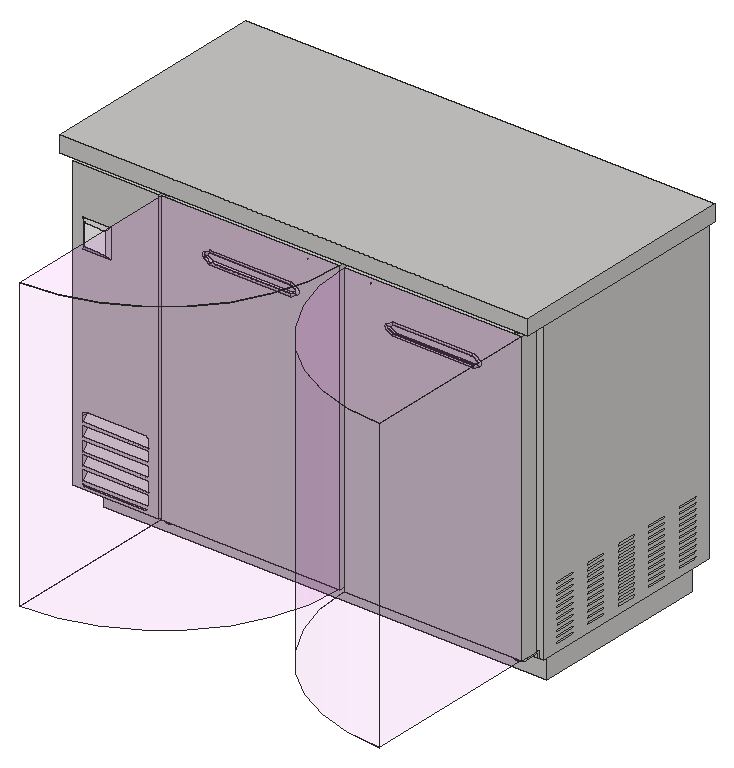
Revit family "QF_Kelvinator_738305_KCHBB48SS", category Specialty Equipment, Revit 2021 (continued)
Definition of nested family "KCHBB48S"
  Definition of nested family "Family1"
    Lines and regions (in)
      Split face 2
        outline origin (0, -1.75, 30.4) x (-1, 0, 0) y (0, 0, -1)
          loop
            circle (-15.55437, 0.5) r 0.2773
      symbolic lines, visible <- "Show Clearance"
        curve 1: arc (16.10807, -11.05, 0) -> (17.8876, -6.84841, 0) -> (18.59064, -2.34, 0) r 18.6
        curve 2: line (1.02191, -2.34, 0) -> (16.10807, -11.05, 0)
    Dimensions and locks (in)
      equal spacing: plane 3 "LEFT", plane 7 "Center Y", plane 4 "RIGHT"
      "Length": plane 3 "LEFT" to plane 4 "RIGHT"
      equal spacing: plane 5 "FRONT", plane 8 "Center X", plane 1 "BACK"
      "Depth": plane 5 "FRONT" to plane 1 "BACK"
      "Height": plane 6 "TOP" to level
      aligned and locked: level to plane 2
    Automatic sketch dimensions
      Extrusion 1 sketch curve to level = 0"
      Extrusion 1 sketch curve to plane 3 "LEFT" = 0"
      plane 4 "RIGHT" to Extrusion 1 sketch curve = 0"
      Extrusion 1 sketch curve to plane 6 "TOP" = 0"
      Extrusion 2 sketch curve to plane 6 "TOP" = 4.42179"
      Extrusion 2 sketch curve to Extrusion 2 sketch curve = 0.3367"
      Extrusion 2 sketch curve to Extrusion 2 sketch curve = 0.33813"  (x2)
      Extrusion 2 sketch curve to Extrusion 2 sketch curve = 0.09937"  (x2)
      Extrusion 2 sketch curve to Extrusion 2 sketch curve = 0.1008"  (x2)
      plane 12 to Extrusion 2 sketch curve = 4.2715"
      Extrusion 2 sketch curve to Extrusion 2 sketch curve = 0.06211"
      Extrusion 2 sketch curve to Extrusion 2 sketch curve = 0.541"  (x2)
      plane 7 "Center Y" to Extrusion 2 sketch curve = 4.175"
      Extrusion 2 sketch curve to Extrusion 2 sketch curve = 0"
      Extrusion 2 sketch curve to Extrusion 2 sketch curve = 0.47572"
      Extrusion 2 sketch curve to Extrusion 2 sketch curve = 0.063"
      Sweep 3 sketch curve to plane 6 "TOP" = 3.54679"
      Sweep 3 sketch curve to Sweep 3 sketch curve = 0.3367"
      Sweep 3 sketch curve to Sweep 3 sketch curve = 0.33813"  (x2)
      Sweep 3 sketch curve to Sweep 3 sketch curve = 0.09937"  (x2)
      Sweep 3 sketch curve to Sweep 3 sketch curve = 0.1008"  (x2)
      plane 12 to Sweep 3 sketch curve = 4.2715"
      Sweep 3 sketch curve to Sweep 3 sketch curve = 0.06211"
      Sweep 3 sketch curve to Sweep 3 sketch curve = 0.541"  (x2)
      plane 7 "Center Y" to Sweep 3 sketch curve = 4.175"
      Sweep 3 sketch curve to Sweep 3 sketch curve = 0"
      Sweep 3 sketch curve to Sweep 3 sketch curve = 0.47572"
      Sweep 3 sketch curve to Sweep 3 sketch curve = 0.063"
      profile plane to Sweep 3 sketch curve = 0"
      profile plane to Sweep 3 sketch curve = 1/8"
      profile plane to Sweep 3 sketch curve = 2.67809"
      Sweep 3 sketch curve to Sweep 3 sketch curve = 0.12191"
      Split face 1 sketch curve to cut or joined group of Extrusion 1, Extrusion 2, Extrusion 4 = 3/16"
      cut or joined group of Extrusion 1, Extrusion 2, Extrusion 4 to Split face 1 sketch curve = 0.2873"  (x2)
      Split face 1 sketch curve to cut or joined group of Extrusion 1, Extrusion 2, Extrusion 4 = 1/32"
      Split face 2 sketch curve to cut or joined group of Extrusion 1, Extrusion 2, Extrusion 4 = 1/32"
      Split face 2 sketch curve to cut or joined group of Extrusion 1, Extrusion 2, Extrusion 4 = 0.25958"
      Extrusion 1 to Extrusion 4 sketch curve = 15/32"
      Extrusion 1 to Extrusion 4 sketch curve = 2.78605"
      Extrusion 4 sketch curve to Extrusion 4 sketch curve = 0.51916"
      Extrusion 4 sketch curve to Extrusion 4 sketch curve = 1/16"
      Extrusion 5 sketch curve to plane 1 "BACK" = 0"
      level to Extrusion 5 sketch curve = 0.32425"
      Extrusion 5 sketch curve to plane 6 "TOP" = 0.32575"
      Extrusion 5 sketch curve to Extrusion 5 sketch curve = 1/4"
      Extrusion 6 sketch curve to plane 9 = 0"
      level to Extrusion 6 sketch curve = 0.32425"
      Extrusion 6 sketch curve to plane 6 "TOP" = 0.32575"
      Extrusion 6 sketch curve to Extrusion 6 sketch curve = 1/4"
      Extrusion 7 sketch curve to plane 6 "TOP" = 0"
      Extrusion 7 sketch curve to plane 3 "LEFT" = 0"
      Extrusion 7 sketch curve to plane 10 = 0.12956"
      plane 12 to Extrusion 7 sketch curve = 2 11/16"
      Extrusion 8 sketch curve to plane 9 = 0"
      Extrusion 8 sketch curve to plane 3 "LEFT" = 0"
      plane 12 to Extrusion 8 sketch curve = 0.23886"
      Extrusion 8 sketch curve to plane 8 "Center X" = 1/4"
      Extrusion 9 sketch curve to Extrusion 7 = 0.29232"
      Extrusion 9 sketch curve to Extrusion 7 = 0.45668"
      Extrusion 10 sketch curve to plane 8 "Center X" = 0"
      plane 12 to Extrusion 10 sketch curve = 0.23886"
      Extrusion 11 sketch curve to Extrusion 7 = 0.29232"
      Extrusion 11 sketch curve to Extrusion 7 = 1.45668"
      Extrusion 12 sketch curve to Extrusion 7 = 0.29232"
      Extrusion 12 sketch curve to Extrusion 7 = 0.54332"
      Extrusion 13 sketch curve to level = 0"
      Extrusion 13 sketch curve to plane 3 "LEFT" = 0"
      Extrusion 13 sketch curve to plane 11 = 0.12956"
      plane 12 to Extrusion 13 sketch curve = 2 11/16"
      Extrusion 14 sketch curve to plane 3 "LEFT" = 0"
      Extrusion 14 sketch curve to plane 9 = 0"
      Extrusion 14 sketch curve to plane 8 "Center X" = 1/4"
      Extrusion 14 sketch curve to Extrusion 14 sketch curve = 0.55136"
      Extrusion 15 sketch curve to Extrusion 13 = 0.29232"
      Extrusion 15 sketch curve to Extrusion 13 = 0.45668"
      Extrusion 16 sketch curve to plane 8 "Center X" = 0"
      plane 12 to Extrusion 16 sketch curve = 0.23886"
      Extrusion 17 sketch curve to Extrusion 13 = 0.29232"
      Extrusion 17 sketch curve to Extrusion 13 = 1.45668"
      Extrusion 18 sketch curve to Extrusion 13 = 0.29232"
      Extrusion 18 sketch curve to Extrusion 13 = 0.54332"
      plane 5 "FRONT" to Extrusion 19 sketch curve = 0"
      plane 3 "LEFT" to Extrusion 19 sketch curve = 0"
      Extrusion 19 sketch curve to plane 4 "RIGHT" = 0"
      curve 1 to plane 3 "LEFT" = 0"
      curve 2 to plane 14 = 0"
      curve 1 to plane 14 = 0"
      plane 5 "FRONT" to curve 1 = 0"
      plane 13 to curve 2 = 2.17943"
      curve 2 to plane 14 = 8.71"
      plane 12 to curve 2 = 0.70941"
      radius of Split face 2 sketch curve = 0.2773"
      radius of Extrusion 9 sketch curve = 1/4"
      radius of Extrusion 10 sketch curve = 1/4"
      radius of Extrusion 11 sketch curve = 1/4"
      radius of Extrusion 12 sketch curve = 1/4"
      radius of Extrusion 15 sketch curve = 1/4"
      radius of Extrusion 16 sketch curve = 1/4"
      radius of Extrusion 17 sketch curve = 1/4"
      radius of Extrusion 18 sketch curve = 1/4"
